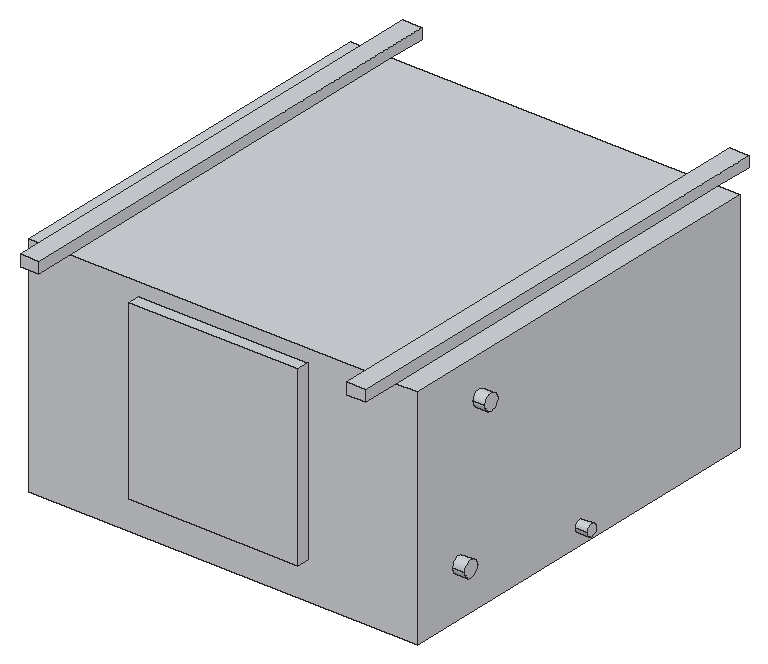
Revit family "bc235779366b4e8a8232130079229924", category Mechanical Equipment, Revit 2021
Family settings
  Round Connector Dimension = Use Radius
  Part Type = Normal
  OmniClass Number = 23.75.70.17.27
  OmniClass Title = Fan Coil Units
  Seek Item ID = Fan Coil Unit - Ceiling Ducted - Exposed - CHW-0000-USA-ENU
  Work Plane-Based = No
  Always vertical = Yes
  Cut with Voids When Loaded = No
  Shared = No
  Room Calculation Point = No
Parameters (values of type "600 CFM")
  Water Pressure Drop [instance] = 1.40 psi
  Voltage = 120 V
  Unit Length = 2' - 7"
  Total Cooling Capacity = 19700 Btu/h
  Supply Water Radius = 5/8"
  Supply Water Diameter = 2 * Supply Water Radius  # 1 1/4"
  Supply Grille Length = 13 1/2"
  Sensible Cooling Capacity = 14400 Btu/h
  Return Water Radius = 5/8"
  Return Water Diameter = 2 * Return Water Radius  # 1 1/4"
  Return Grille Length = 14"
  Number of Poles = 1
  Nominal Air Flow [instance] = 600 CFM
  Load Classification = Cooling
  External Static Pressure [instance] = 0.30 in-wg
  Drain Flow [instance] = 0 GPM
  Default Elevation = 0' - 0"
  Chilled Water Flow [instance] = 4 GPM
  CFU Material = none
  Apparent Load = 260 VA
Types (9): name | Water Pressure Drop | Unit Length | Total Cooling Capacity | Supply Water Radius | Supply Water Diameter | Supply Grille Length | Sensible Cooling Capacity | Return Water Radius | Return Water Diameter | Return Grille Length | Nominal Air Flow | Chilled Water Flow | Apparent Load
  (no name) | 1.40 psi | 2' - 7" | 19700 Btu/h | 5/8" | 1 1/4" | 13 1/2" | 14400 Btu/h | 5/8" | 1 1/4" | 14" | 600 CFM | 4 GPM | 260 VA
  600 CFM | 1.40 psi | 2' - 7" | 19700 Btu/h | 5/8" | 1 1/4" | 13 1/2" | 14400 Btu/h | 5/8" | 1 1/4" | 14" | 600 CFM | 4 GPM | 260 VA
  800 CFM | 3.10 psi | 3' - 0" | 29400 Btu/h | 5/8" | 1 1/4" | 18 1/2" | 20600 Btu/h | 5/8" | 1 1/4" | 20" | 800 CFM | 6 GPM | 275 VA
  1000 CFM | 6.50 psi | 3' - 4" | 38500 Btu/h | 7/8" | 1 3/4" | 22 1/2" | 26400 Btu/h | 7/8" | 1 3/4" | 24" | 1000 CFM | 8 GPM | 380 VA
  1200 CFM | 13.00 psi | 3' - 9" | 47600 Btu/h | 7/8" | 1 3/4" | 27 1/2" | 32300 Btu/h | 7/8" | 1 3/4" | 28" | 1200 CFM | 10 GPM | 490 VA
  1400 CFM | 21.00 psi | 4' - 2" | 52800 Btu/h | 1 1/8" | 2 1/4" | 32 1/2" | 36500 Btu/h | 1 1/8" | 2 1/4" | 34" | 1400 CFM | 11 GPM | 520 VA
  1600 CFM | 25.00 psi | 4' - 7" | 64700 Btu/h | 1 1/8" | 2 1/4" | 37 1/2" | 43600 Btu/h | 1 1/8" | 2 1/4" | 38" | 1600 CFM | 15 GPM | 670 VA
  1800 CFM | 25.00 psi | 5' - 0" | 75700 Btu/h | 1 1/8" | 2 1/4" | 42 1/2" | 50400 Btu/h | 1 1/8" | 2 1/4" | 44" | 1800 CFM | 19 GPM | 800 VA
  2000 CFM | 25.00 psi | 5' - 4" | 82400 Btu/h | 1 1/8" | 2 1/4" | 46 1/2" | 55200 Btu/h | 1 1/8" | 2 1/4" | 48" | 2000 CFM | 19 GPM | 840 VA
Reference planes (in)
  plane 1 "Center (Front/Back)": y = 0
  plane 2: z = 0
  plane 3 "Center (Left/Right)": x = 0
  plane 4: x = 31
  plane 5: x = 15.5
  plane 6: x = 8.5
  plane 7: x = 22.5
  plane 8: y = 32
  plane 9: y = 35
  plane 10: y = -3
  plane 11: z = 18
  plane 12: z = 18.875
  plane 13: x = 2.5
  plane 14: x = 28.5
  plane 15: x = 1.75
  plane 16: x = 3.25
  plane 17: x = 29.25
  plane 18: x = 27.75
  plane 19 "1": y = 33
  plane 20: y = -1
  plane 21: z = 3
  plane 22: z = 17
  plane 23: x = 8.75
  plane 24: x = 22.25
  plane 25: y = 6
  plane 26: z = 15
  plane 27: y = 4
  plane 28: z = 4
  plane 29: y = 16
  plane 30: z = 1.5
  plane 31: x = 32
  plane 32: y = 30
  plane 33: z = 14.2
  plane 34: z = 11.4
  plane 35: z = 8.6
  plane 36: z = 5.8
Forms (in)
  Extrusion 1, solid, material <- "CFU Material"
    sketch origin (0, 0, 0) x (1, 0, 0) y (0, 1, 0)
      loop
        line (0, 32) -> (0, 0) -> (31, 0) -> (31, 32) -> (0, 32)
    from 0 to 18
  Extrusion 2, solid, material <- "CFU Material"
    sketch origin (0, 0, 0) x (1, 0, 0) y (0, 1, 0)
      loop
        line (1.75, 35) -> (1.75, -3) -> (3.25, -3) -> (3.25, 35) -> (1.75, 35)
    from 18 to 18.875
  Extrusion 3, solid, material <- "CFU Material"
    sketch origin (0, 0, 0) x (1, 0, 0) y (0, 1, 0)
      loop
        line (27.75, 35) -> (27.75, -3) -> (29.25, -3) -> (29.25, 35) -> (27.75, 35)
    from 18 to 18.875
  Extrusion 4, solid, material <- "CFU Material"
    sketch origin (0, 0, 0) x (1, 0, 0) y (0, 1, 0)
      loop
        line (8.5, 33) -> (8.5, 32) -> (22.5, 32) -> (22.5, 33) -> (8.5, 33)
    from 3 to 17
  Extrusion 5, solid, material <- "CFU Material"
    sketch origin (0, 0, 0) x (1, 0, 0) y (0, 1, 0)
      loop
        line (8.75, 0) -> (8.75, -1) -> (22.25, -1) -> (22.25, 0) -> (8.75, 0)
    from 3 to 17
  Extrusion 6, solid, material <- "CFU Material"
    sketch origin (0, 0, 0) x (0, 1, 0) y (0, 0, 1)
      loop
        circle (6, 15) r 0.625
    from 31 to 32
  Extrusion 7, solid, material <- "CFU Material"
    sketch origin (0, 0, 0) x (0, 1, 0) y (0, 0, 1)
      loop
        circle (4, 4) r 0.625
    from 31 to 32
  Extrusion 8, solid, material <- "CFU Material"
    sketch origin (0, 0, 0) x (0, 1, 0) y (0, 0, 1)
      loop
        circle (16, 1.5) r 0.4375
    from 31 to 32
  Extrusion 9, solid, material <- "CFU Material"
    sketch origin (0, 0, 0) x (0, 1, 0) y (0, 0, 1)
      loop
        circle (30, 15) r 1
    from 29.25 to 31
Cuts and joins
  joined: Extrusion 1, Extrusion 2, Extrusion 3, Extrusion 4, Extrusion 5, Extrusion 6, Extrusion 7, Extrusion 8, Extrusion 9
Lines and regions (in)
  model lines
    curve 1: line (8.75, -1, 8.6) -> (22.25, -1, 8.6)
    curve 2: line (8.75, -1, 14.2) -> (22.25, -1, 14.2)
    curve 3: line (8.75, -1, 11.4) -> (22.25, -1, 11.4)
    curve 4: line (8.75, -1, 5.8) -> (22.25, -1, 5.8)
    curve 5: line (22.5, 33, 14.2) -> (8.5, 33, 14.2)
    curve 6: line (22.5, 33, 11.4) -> (8.5, 33, 11.4)
    curve 7: line (22.5, 33, 8.6) -> (8.5, 33, 8.6)
    curve 8: line (22.5, 33, 5.8) -> (8.5, 33, 5.8)
Dimensions and locks (in)
  equal spacing: plane 3 "Center (Left/Right)", plane 5, plane 4
  equal spacing: plane 6, plane 5, plane 7
  "Unit Length": plane 3 "Center (Left/Right)" to plane 4
  "Return Grille Length": plane 6 to plane 7
  locked: plane 8 to plane 1 "Center (Front/Back)" at 32
  locked: plane 1 "Center (Front/Back)" to plane 10 at 3
  locked: plane 9 to plane 8 at 3
  locked: plane 11 to plane 2 at 18
  locked: plane 12 to plane 11 at 0.875
  locked: plane 3 "Center (Left/Right)" to plane 13 at 2.5
  locked: plane 14 to plane 4 at 2.5
  locked: plane 19 "1" to plane 8 at 1
  locked: plane 1 "Center (Front/Back)" to plane 20 at 1
  locked: plane 2 to plane 21 at 3
  locked: plane 21 to plane 22 at 14
  equal spacing: plane 23, plane 5, plane 24
  "Supply Grille Length": plane 23 to plane 24
  equal spacing: plane 15, plane 13, plane 16
  locked: plane 13 to plane 16 at 0.75
  equal spacing: plane 18, plane 14, plane 17
  locked: plane 18 to plane 14 at 0.75
  locked: plane 26 to plane 11 at 3
  locked: plane 1 "Center (Front/Back)" to plane 25 at 6
  locked: plane 2 to plane 28 at 4
  locked: plane 1 "Center (Front/Back)" to plane 27 at 4
  locked: plane 1 "Center (Front/Back)" to plane 29 at 16
  locked: plane 2 to plane 30 at 1.5
  locked: plane 4 to plane 31 at 1
  locked: plane 32 to plane 8 at 2
  plane 22 to plane 21 = 1' - 2"
  equal spacing: plane 22, plane 33, plane 34, plane 35, plane 36, plane 21
  "Return Water Radius": radius of Extrusion 6 sketch curve
  "Supply Water Radius": radius of Extrusion 7 sketch curve
  aligned and locked: plane 3 "Center (Left/Right)" to Extrusion 1 sketch curve
  aligned and locked: Extrusion 1 sketch curve to plane 4
  aligned and locked: Extrusion 1 sketch curve to plane 8
  aligned and locked: Extrusion 1 sketch curve to plane 1 "Center (Front/Back)"
  aligned and locked: plane 11 to Extrusion 1
  aligned and locked: Extrusion 1 to plane 2
  aligned and locked: Extrusion 2 sketch curve to plane 15
  aligned and locked: plane 16 to Extrusion 2 sketch curve
  aligned and locked: Extrusion 2 sketch curve to plane 9
  aligned and locked: plane 10 to Extrusion 2 sketch curve
  aligned and locked: Extrusion 3 sketch curve to plane 18
  aligned and locked: plane 17 to Extrusion 3 sketch curve
  aligned and locked: Extrusion 3 sketch curve to plane 9
  aligned and locked: plane 10 to Extrusion 3 sketch curve
  aligned and locked: plane 12 to Extrusion 3
  aligned and locked: Extrusion 3 to plane 11
  aligned and locked: plane 12 to Extrusion 2
  aligned and locked: Extrusion 2 to plane 11
  aligned and locked: plane 8 to Extrusion 4 sketch curve
  aligned and locked: plane 19 "1" to Extrusion 4 sketch curve
  aligned and locked: plane 6 to Extrusion 4 sketch curve
  aligned and locked: plane 7 to Extrusion 4 sketch curve
  aligned and locked: plane 22 to Extrusion 4
  aligned and locked: plane 21 to Extrusion 4
  aligned and locked: plane 23 to Extrusion 5 sketch curve
  aligned and locked: Extrusion 5 sketch curve to plane 24
  aligned and locked: plane 1 "Center (Front/Back)" to Extrusion 5 sketch curve
  aligned and locked: Extrusion 5 sketch curve to plane 20
  aligned and locked: plane 22 to Extrusion 5
  aligned and locked: Extrusion 5 to plane 21
  aligned and locked: plane 26 to Extrusion 6 sketch curve
  aligned and locked: plane 25 to Extrusion 6 sketch curve
  aligned and locked: plane 28 to Extrusion 7 sketch curve
  aligned and locked: plane 27 to Extrusion 7 sketch curve
  aligned and locked: Extrusion 6 to plane 31
  aligned and locked: Extrusion 6 to plane 4
  aligned and locked: Extrusion 7 to plane 31
  aligned and locked: Extrusion 7 to plane 4
  aligned and locked: plane 30 to Extrusion 8 sketch curve
  aligned and locked: plane 29 to Extrusion 8 sketch curve
  aligned and locked: Extrusion 8 to plane 31
  aligned and locked: Extrusion 8 to plane 4
  aligned and locked: plane 26 to Extrusion 9 sketch curve
  aligned and locked: plane 32 to Extrusion 9 sketch curve
  aligned and locked: Extrusion 1 to Extrusion 9
  aligned and locked: plane 17 to Extrusion 9
  aligned and locked: plane 34 to curve 3
  aligned and locked: plane 33 to curve 2
  aligned and locked: plane 35 to curve 1
  aligned and locked: plane 36 to curve 4
  aligned and locked: plane 23 to curve 2
  aligned and locked: plane 24 to curve 2
  aligned and locked: plane 24 to curve 3
  aligned and locked: plane 23 to curve 3
  aligned and locked: plane 23 to curve 1
  aligned and locked: plane 24 to curve 1
  aligned and locked: plane 23 to curve 4
  aligned and locked: plane 24 to curve 4
  aligned and locked: curve 5 to plane 33
  aligned and locked: curve 6 to plane 34
  aligned and locked: curve 7 to plane 35
  aligned and locked: curve 8 to plane 36
  aligned and locked: plane 7 to curve 5
  aligned and locked: plane 6 to curve 5
  aligned and locked: plane 7 to curve 6
  aligned and locked: plane 6 to curve 6
  aligned and locked: plane 7 to curve 7
  aligned and locked: plane 6 to curve 7
  aligned and locked: plane 7 to curve 8
  aligned and locked: plane 6 to curve 8
Automatic sketch dimensions
  radius of Extrusion 8 sketch curve = 0' - 0 7/16"
  radius of Extrusion 9 sketch curve = 0' - 1"
Connectors (in)
  piping at (32, 4, 4), diameter 1.25, driven by "Chilled Water Flow", driven by "Supply Water Radius"
    settings: on cut or joined group 1 (Extrusion 1, Extrusion 2, Extrusion 3, Extrusion 4, Extrusion 5, Extrusion 6, Extrusion 7, Extrusion 8, Extrusion 9), index 1, connector inside diameter 1 1/4", connector length 0' - 0", flow factor 0, pipe flow 4 GPM, pressure drop 0.00 psi, fitting loss kfactor 0, connector angle 0.00°, fixture units 0, engagement length 0' - 0", angle of deflection 0.00°, flow configuration 1, flow direction 1, fitting loss method 4, system type 7, joint type 0, gender type 0, connector reference index 2, connector utility 0, adjustable connector no, is connector primary yes, connector description "Chilled Water,In"
  piping at (32, 6, 15), diameter 1.25, driven by "Chilled Water Flow", driven by "Water Pressure Drop", driven by "Return Water Radius"
    settings: on cut or joined group 1, index 2, connector inside diameter 1 1/4", connector length 0' - 0", flow factor 0, pipe flow 4 GPM, pressure drop 1.40 psi, fitting loss kfactor 0, connector angle 0.00°, fixture units 0, engagement length 0' - 0", angle of deflection 0.00°, flow configuration 1, flow direction 2, fitting loss method 4, system type 8, joint type 0, gender type 0, connector reference index 1, connector utility 0, adjustable connector no, is connector primary no, connector description "Chilled Water,Out"
  piping at (32, 16, 1.5), diameter 0.875, driven by "Drain Flow"
    settings: on cut or joined group 1, index 3, connector inside diameter 7/8", connector length 0' - 0", flow factor 0, pipe flow 0 GPM, pressure drop 0.00 psi, fitting loss kfactor 0, connector angle 0.00°, fixture units 0, engagement length 0' - 0", angle of deflection 0.00°, flow configuration 1, flow direction 2, fitting loss method 0, system type 16, joint type 0, gender type 0, connector reference index -1, connector utility 0, adjustable connector yes, is connector primary no, connector description "Drain,Out"
  electrical at (31, 30, 15), driven by "Apparent Load", driven by "Voltage", driven by "Number of Poles", driven by "Load Classification"
    settings: on Extrusion 9, index 4, voltage 120 V, apparent load 260 VA, apparent load phase1 0 VA, apparent load phase2 0 VA, apparent load phase3 0 VA, power factor 0.8, load classification "Cooling", number of poles 1, system type 30, power factor state 1, is connector primary yes, connector utility no, sub classification motor no, connector description ""
